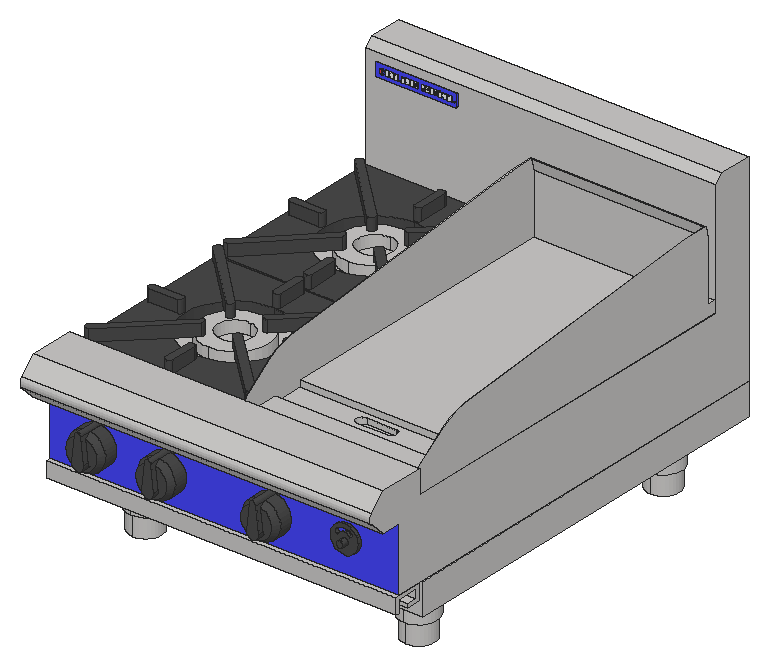
Revit family "QF_MOFFAT_BLUESEAL_CE_G514C-B", category Specialty Equipment, Revit 2012
Parameters
  Width = 600 mm  # constant formula
  Weight in Pounds = 176  # constant formula
  URL Cutsheet = "www.moffat.com"
  URL = "www.moffat.com"
  Type Mark [instance] = ""
  Status [instance] = ""
  Specification by User [instance] = ""
  Specification by Manufacturer = ""
  Show Logo [instance] = yes
  Serial Number = ""
  Seismic Rating = ""
  SMACNA No = ""
  Revision Code [instance] = ""
  Omniclass Number and Title = ""
  NAFEM Spec ID Number = ""
  Model = "G514C-B"
  Mechanical Remarks [instance] = ""
  Mechanical Connection Type [instance] = ""
  Masterspec = ""
  Manufacturer = "MOFFAT BLUESEAL"
  Item Number [instance] = ""
  Installed By [instance] = ""
  Identify Quantity as Lot [instance] = yes
  Height = 485 mm  # constant formula
  Gas Size = 3/4"
  Gas RI Height [instance] = 0 mm
  Gas KW [instance] = 21
  Gas Input [instance] = 72034.0 Btu/h
  Gas Connection Height = 0 mm
  Furnished By [instance] = ""
  Foodservice Equipment Identifier [instance] = yes
  Description = "600MM GAS GRIDDLE BENCH MOUNT"
  Depth = 812 mm  # constant formula
  CSI MasterFormat = ""
  CSI Master Format = ""
Reference planes
  plane 1 "BACK": y = 0
  plane 2: z = 0
  plane 3 "LEFT": x = 0
  plane 4 "RIGHT": x = 600
  plane 5 "FRONT": y = -812
  plane 6 "TOP": z = 370
  plane 7 "Center Y": x = 300
  plane 8 "Center X": y = -406
  plane 9: z = 485
  plane 10: z = 315
  plane 11: y = -100
  plane 12: y = -625
Forms (mm)
  Revolve 1, solid, material "QF_Finishes_Stainless Steel"
    sketch origin (534.5, -728, 0) x (0, 1, 0) y (0, 0, -1)
      loop
        line (71.25, -85) -> (103, -85) -> (103, 0) -> (75.5, 0) -> (75.5, -35) -> (71.25, -35) -> (71.25, -85)
      axis (103, -85) -> (103, 0)
    angle from 0 to 360
  Revolve 2, solid, material "QF_Finishes_Stainless Steel"
    sketch origin (534.5, -210, 0) x (0, 1, 0) y (0, 0, -1)
      loop
        line (78.25, -85) -> (110, -85) -> (110, 0) -> (82.5, 0) -> (82.5, -35) -> (78.25, -35) -> (78.25, -85)
      axis (110, -85) -> (110, 0)
    angle from 0 to 360
  Revolve 3, solid, material "QF_Finishes_Stainless Steel"
    sketch origin (65.5, -728, 0) x (0, 1, 0) y (0, 0, 1)
      loop
        line (71.25, 85) -> (71.25, 35) -> (75.5, 35) -> (75.5, 0) -> (103, 0) -> (103, 85) -> (71.25, 85)
      axis (103, 85) -> (103, 0)
    angle from 0 to 360
  Revolve 4, solid, material "QF_Finishes_Stainless Steel"
    sketch origin (65.5, -210, 0) x (0, 1, 0) y (0, 0, 1)
      loop
        line (78.25, 85) -> (78.25, 35) -> (82.5, 35) -> (82.5, 0) -> (110, 0) -> (110, 85) -> (78.25, 85)
      axis (110, 85) -> (110, 0)
    angle from 0 to 360
  Revolve 5, solid, material "QF_Finishes_Black"
    sketch origin (210, 7, 0) x (0, -1, 0) y (0, 0, 1)
      loop
        line (789, 229.605) -> (766, 229.605) -> (766, 202.105) -> (756, 202.105) -> (756, 197.105) -> (800, 197.105) -> (800, 223.757) -> (789, 229.605)
      axis (800, 197.105) -> (756, 197.105)
    angle from 0 to 360
  Extrusion 6, solid, material "QF_Finishes_Black"
    sketch origin (71.569, 7, -103.997) x (1, 0, 0) y (0, 0, 1)
      loop
        line (148.85, 289.691) -> (143.43, 332.61)
        arc (143.43, 332.61) -> (138.431, 337.497) -> (133.432, 332.61) r 5
        line (133.432, 332.61) -> (127.944, 288.524)
        arc (127.944, 288.524) -> (139.015, 278.025) -> (148.85, 289.691) r 10.487
    from 759 to 808
  Extrusion 7, solid, material "QF_Finishes_Stainless Steel"
    sketch origin (405, 3, -500) x (1, 0, 0) y (0, 1, 0)
      loop
        circle (65, -35) r 13.5
    from 555 to 585
  Extrusion 8, solid, material "QF_Finishes_Stainless Steel"
    sketch origin (0, 0, 0) x (0, 1, 0) y (0, 0, 1)
      loop
        line (-756, 112.019) -> (-749.6, 112.019) -> (-749.6, 132.806) -> (-712.4, 132.806) -> (-712.4, 118.419) -> (-731, 118.419) -> (-731, 112.019) -> (-706, 112.019) -> (-706, 139.206) -> (-756, 139.206) -> (-756, 112.019)
    from 0 to 600
  Revolve 9, solid, material "QF_Finishes_Black"
    sketch origin (89.999, 7, -0.127) x (0, 1, 0) y (0, 0, -1)
      loop
        line (-789, -229.5) -> (-766, -229.5) -> (-766, -202) -> (-756, -202) -> (-756, -197) -> (-800, -197) -> (-800, -223.651) -> (-789, -229.5)
      axis (-800, -197) -> (-756, -197)
    angle from 0 to 360
  Extrusion 10, solid, material "QF_Finishes_Black"
    sketch origin (228.269, 7, 0.031) x (-1, 0, 0) y (0, 0, -1)
      loop
        line (127.85, -185.663) -> (133.27, -228.582)
        arc (133.27, -228.582) -> (138.269, -233.469) -> (143.267, -228.582) r 5
        line (143.267, -228.582) -> (148.756, -184.496)
        arc (148.756, -184.496) -> (137.684, -173.998) -> (127.85, -185.663) r 10.487
    from 759 to 808
  Extrusion 11, solid, material "QF_Finishes_Stainless Steel"
    sketch origin (0, 0, 0) x (0, 1, 0) y (0, 0, 1)
      loop
        line (-784.97, 250) -> (-749, 250) -> (-749, 140) -> (0, 140) -> (0, 485) -> (-57.5, 485) -> (-70, 472.5) -> (-70, 275) -> (-705, 275) -> (-705, 315) -> (-783.97, 315) -> (-808.498, 290.472)
        arc (-808.498, 290.472) -> (-812.007, 282) -> (-808.498, 273.528) r 11.982
        line (-808.498, 273.528) -> (-784.97, 250)
      loop
        line (0, 85) -> (0, 139.206) -> (-699, 139.206) -> (-699, 85) -> (0, 85)
    from 0 to 600
  Revolve 12, solid, material "QF_Finishes_Black"
    sketch origin (390, 7, -0.127) x (0, 1, 0) y (0, 0, -1)
      loop
        line (-789, -229.5) -> (-766, -229.5) -> (-766, -202) -> (-756, -202) -> (-756, -197) -> (-800, -197) -> (-800, -223.651) -> (-789, -229.5)
      axis (-800, -197) -> (-756, -197)
    angle from 0 to 360
  Extrusion 13, solid, material "QF_Finishes_Black"
    sketch origin (528.269, 7, 0.031) x (-1, 0, 0) y (0, 0, -1)
      loop
        line (127.85, -185.663) -> (133.271, -228.582)
        arc (133.271, -228.582) -> (138.269, -233.469) -> (143.268, -228.582) r 5
        line (143.268, -228.582) -> (148.757, -184.496)
        arc (148.757, -184.496) -> (137.685, -173.998) -> (127.85, -185.663) r 10.487
    from 759 to 808
  Extrusion 14, solid, material "QF_Finishes_Black"
    sketch origin (0, -749, 266) x (0, 0, -1) y (1, 0, 0)
      loop
        circle (69.5, 510) r 23.9
      loop
        arc (62.141, 518.419) -> (63.001, 523.219) -> (58.201, 524.079) r 3.448
        arc (58.201, 524.079) -> (51.616, 509.341) -> (59.419, 495.209) r 18.095
        arc (59.419, 495.209) -> (64.141, 496.491) -> (62.826, 501.204) r 3.448
        arc (62.826, 501.204) -> (59.258, 509.683) -> (62.141, 518.419) r 13.109
    from 0 to 5
  Extrusion 15, solid, material "QF_Finishes_Black"
    sketch origin (0, -754, 266) x (0, 0, -1) y (1, 0, 0)
      loop
        circle (73, 510) r 5.75
    from 0 to 10
Cuts and joins
  joined: Revolve 5, Extrusion 6
Lines and regions (mm)
  Split face 1
    outline origin (0, 0, 485) x (0, -1, 0) y (1, 0, 0)
      loop
        arc (18.185, 336.013) -> (23.185, 327.353) -> (33.185, 327.353) r 10
        line (33.185, 327.353) -> (40.185, 331.394)
        arc (40.185, 331.394) -> (43.845, 335.055) -> (45.185, 340.055) r 10
        line (45.185, 340.055) -> (45.185, 568.013)
        arc (45.185, 568.013) -> (40.185, 576.674) -> (30.185, 576.674) r 10
        line (30.185, 576.674) -> (23.185, 572.632)
        arc (23.185, 572.632) -> (19.525, 568.972) -> (18.185, 563.972) r 10
        line (18.185, 563.972) -> (18.185, 336.013)
  Split face 2
    outline origin (-300, 0, 485) x (0, -1, 0) y (1, 0, 0)
      loop
        arc (18.185, 336.013) -> (23.185, 327.353) -> (33.185, 327.353) r 10
        line (33.185, 327.353) -> (40.185, 331.394)
        arc (40.185, 331.394) -> (43.845, 335.055) -> (45.185, 340.055) r 10
        line (45.185, 340.055) -> (45.185, 568.013)
        arc (45.185, 568.013) -> (40.185, 576.674) -> (30.185, 576.674) r 10
        line (30.185, 576.674) -> (23.185, 572.632)
        arc (23.185, 572.632) -> (19.525, 568.972) -> (18.185, 563.972) r 10
        line (18.185, 563.972) -> (18.185, 336.013)
  symbolic lines
    curve 1: line (0, 0, 0) -> (0, -812, 0)
    curve 2: line (600, 0, 0) -> (0, 0, 0)
    curve 3: line (600, -812, 0) -> (600, 0, 0)
    curve 4: line (0, -70, 0) -> (600, -70, 0)
    curve 5: line (0, -812, 0) -> (600, -812, 0)
    curve 6: line (600, -705, 0) -> (0, -705, 0)
    curve 7: line (36.013, -18.185, 0) -> (263.972, -18.185, 0)
    curve 8: arc (263.972, -18.185, 0) -> (268.972, -19.525, 0) -> (272.632, -23.185, 0) r 10
    curve 9: line (272.632, -23.185, 0) -> (276.674, -30.185, 0)
    curve 10: arc (276.674, -30.185, 0) -> (276.674, -40.185, 0) -> (268.013, -45.185, 0) r 10
    curve 11: line (268.013, -45.185, 0) -> (40.055, -45.185, 0)
    curve 12: arc (40.055, -45.185, 0) -> (35.055, -43.845, 0) -> (31.394, -40.185, 0) r 10
    curve 13: line (31.394, -40.185, 0) -> (27.353, -33.185, 0)
    curve 14: arc (27.353, -33.185, 0) -> (27.353, -23.185, 0) -> (36.013, -18.185, 0) r 10
    curve 15: line (299, -705, 0) -> (299, -391.5, 0)
    curve 16: line (299, -388.5, 0) -> (299, -70, 0)
    curve 17: line (336.013, -18.185, 0) -> (563.972, -18.185, 0)
    curve 18: arc (563.972, -18.185, 0) -> (568.972, -19.525, 0) -> (572.632, -23.185, 0) r 10
    curve 19: line (572.632, -23.185, 0) -> (576.674, -30.185, 0)
    curve 20: arc (576.674, -30.185, 0) -> (576.674, -40.185, 0) -> (568.013, -45.185, 0) r 10
    curve 21: line (568.013, -45.185, 0) -> (340.055, -45.185, 0)
    curve 22: arc (340.055, -45.185, 0) -> (335.055, -43.845, 0) -> (331.394, -40.185, 0) r 10
    curve 23: line (331.394, -40.185, 0) -> (327.353, -33.185, 0)
    curve 24: arc (327.353, -33.185, 0) -> (327.353, -23.185, 0) -> (336.013, -18.185, 0) r 10
    curve 25: line (0, -783.97, 0) -> (600, -783.97, 0)
Dimensions and locks
  equal spacing: plane 3 "LEFT", plane 7 "Center Y", plane 4 "RIGHT"
  "Width": plane 3 "LEFT" to plane 4 "RIGHT"
  equal spacing: plane 5 "FRONT", plane 8 "Center X", plane 1 "BACK"
  "Depth": plane 5 "FRONT" to plane 1 "BACK"
  equal spacing: plane 4 "RIGHT", plane 7 "Center Y", plane 3 "LEFT"
  plane 4 "RIGHT" to plane 3 "LEFT" = 600 mm
  Extrusion 7 to level = 55 mm
  Extrusion 7 to plane 1 "BACK" = 32 mm
  plane 5 "FRONT" to plane 1 "BACK" = 812 mm
  "Height": plane 9 to level
  plane 10 to level = 315 mm
  Extrusion 7 sketch curve to plane 1 "BACK" = 32 mm
  aligned and locked: level to plane 2
  aligned and locked: curve 3 to plane 4 "RIGHT"
Automatic sketch dimensions
  Revolve 1 sketch curve to level = 0 mm
  level to Revolve 1 sketch curve = 35 mm
  Revolve 1 sketch curve to plane 5 "FRONT" = 155.25 mm
  Revolve 1 sketch curve to Revolve 1 sketch curve = 4.25 mm
  Revolve 1 sketch curve to Revolve 1 sketch curve = 27.5 mm
  Revolve 1 sketch curve to Revolve 1 sketch curve = 0 mm
  Revolve 1 sketch curve to Revolve 1 sketch curve = 15 mm
  Revolve 1 sketch curve to Revolve 1 sketch curve = 35 mm
  Revolve 1 sketch curve to Revolve 1 sketch curve = 55 mm
  Revolve 2 sketch curve to level = 0 mm
  level to Revolve 2 sketch curve = 35 mm
  plane 1 "BACK" to Revolve 2 sketch curve = 131.75 mm
  Revolve 2 sketch curve to Revolve 2 sketch curve = 4.25 mm
  Revolve 2 sketch curve to Revolve 2 sketch curve = 27.5 mm  (x2)
  Revolve 2 sketch curve to Revolve 2 sketch curve = 15 mm
  Revolve 2 sketch curve to Revolve 2 sketch curve = 35 mm
  Revolve 2 sketch curve to Revolve 2 sketch curve = 55 mm
  Revolve 3 sketch curve to level = 0 mm
  level to Revolve 3 sketch curve = 35 mm
  Revolve 3 sketch curve to plane 5 "FRONT" = 155.25 mm
  Revolve 3 sketch curve to Revolve 3 sketch curve = 4.25 mm
  Revolve 3 sketch curve to Revolve 3 sketch curve = 27.5 mm  (x2)
  Revolve 3 sketch curve to Revolve 3 sketch curve = 55 mm
  Revolve 3 sketch curve to Revolve 3 sketch curve = 15 mm
  Revolve 3 sketch curve to Revolve 3 sketch curve = 35 mm
  Revolve 4 sketch curve to level = 0 mm
  level to Revolve 4 sketch curve = 35 mm
  plane 1 "BACK" to Revolve 4 sketch curve = 131.75 mm
  Revolve 4 sketch curve to Revolve 4 sketch curve = 4.25 mm
  Revolve 4 sketch curve to Revolve 4 sketch curve = 27.5 mm  (x2)
  Revolve 4 sketch curve to Revolve 4 sketch curve = 55 mm
  Revolve 4 sketch curve to Revolve 4 sketch curve = 15 mm
  Revolve 4 sketch curve to Revolve 4 sketch curve = 35 mm
  Revolve 5 sketch curve to plane 5 "FRONT" = 63 mm
  Revolve 5 sketch curve to Revolve 5 sketch curve = 10 mm
  Revolve 5 sketch curve to Revolve 5 sketch curve = 21.3 mm
  Revolve 5 sketch curve to Revolve 5 sketch curve = 23 mm
  Revolve 5 sketch curve to Revolve 5 sketch curve = 12.7 mm
  Revolve 5 sketch curve to Revolve 5 sketch curve = 0 mm  (x2)
  Revolve 5 sketch curve to plane 10 = 117.895 mm
  Revolve 5 sketch curve to Revolve 5 sketch curve = 5 mm
  Revolve 5 sketch curve to Revolve 5 sketch curve = 26.651 mm
  Revolve 5 sketch curve to Revolve 5 sketch curve = 5.849 mm
  Extrusion 8 sketch curve to plane 5 "FRONT" = 56 mm
  Extrusion 8 sketch curve to Extrusion 8 sketch curve = 6.4 mm  (x4)
  Extrusion 8 sketch curve to Extrusion 8 sketch curve = 18.6 mm  (x2)
  level to Extrusion 8 sketch curve = 112.019 mm
  Extrusion 8 sketch curve to Extrusion 8 sketch curve = 0 mm
  Extrusion 8 sketch curve to Extrusion 8 sketch curve = 20.787 mm
  Revolve 9 sketch curve to plane 5 "FRONT" = 19 mm
  Revolve 9 sketch curve to Revolve 9 sketch curve = 0 mm  (x2)
  Revolve 9 sketch curve to Revolve 9 sketch curve = 11 mm
  Revolve 9 sketch curve to Revolve 9 sketch curve = 12.7 mm
  Revolve 9 sketch curve to Revolve 9 sketch curve = 23 mm
  Revolve 9 sketch curve to Revolve 9 sketch curve = 10 mm
  Revolve 9 sketch curve to plane 10 = 85.627 mm
  Revolve 9 sketch curve to Revolve 9 sketch curve = 5.849 mm
  Revolve 9 sketch curve to Revolve 9 sketch curve = 27.5 mm
  Revolve 9 sketch curve to Revolve 9 sketch curve = 5 mm
  Extrusion 11 sketch curve to plane 10 = 0 mm
  plane 9 to Extrusion 11 sketch curve = 0 mm
  Extrusion 11 sketch curve to plane 1 "BACK" = 0 mm  (x2)
  plane 1 "BACK" to Extrusion 11 sketch curve = 57.5 mm
  plane 9 to Extrusion 11 sketch curve = 12.5 mm
  Extrusion 11 sketch curve to Extrusion 11 sketch curve = 12.5 mm
  Extrusion 11 sketch curve to plane 5 "FRONT" = 113 mm
  Extrusion 11 sketch curve to plane 5 "FRONT" = 107 mm
  Extrusion 11 sketch curve to Extrusion 11 sketch curve = 50 mm
  Extrusion 11 sketch curve to plane 5 "FRONT" = 28.03 mm
  Extrusion 11 sketch curve to plane 5 "FRONT" = 27.03 mm
  Extrusion 11 sketch curve to plane 5 "FRONT" = 11.975 mm
  Extrusion 11 sketch curve to plane 5 "FRONT" = 3.502 mm  (x2)
  Extrusion 11 sketch curve to plane 10 = 24.528 mm
  Extrusion 11 sketch curve to Extrusion 11 sketch curve = 8.472 mm
  Extrusion 11 sketch curve to Extrusion 11 sketch curve = 40 mm
  Extrusion 11 sketch curve to Extrusion 11 sketch curve = 23.528 mm
  Extrusion 11 sketch curve to Extrusion 11 sketch curve = 110 mm
  Extrusion 11 sketch curve to Extrusion 11 sketch curve = 0.794 mm
  Extrusion 11 sketch curve to Extrusion 11 sketch curve = 54.206 mm
  Split face 1 sketch curve to Extrusion 11 = 18.185 mm
  Split face 1 sketch curve to Split face 1 sketch curve = 5 mm  (x2)
  Split face 1 sketch curve to Split face 1 sketch curve = 10 mm  (x3)
  Split face 1 sketch curve to Split face 1 sketch curve = 7 mm  (x4)
  Split face 1 sketch curve to Extrusion 11 = 272.647 mm
  Split face 1 sketch curve to Split face 1 sketch curve = 4.041 mm  (x2)
  Split face 1 sketch curve to Extrusion 11 = 36.028 mm
  Split face 2 sketch curve to Extrusion 11 = 18.185 mm
  Split face 2 sketch curve to Split face 2 sketch curve = 5 mm  (x2)
  Split face 2 sketch curve to Split face 2 sketch curve = 10 mm  (x3)
  Split face 2 sketch curve to Split face 2 sketch curve = 7 mm  (x4)
  Split face 2 sketch curve to Extrusion 11 = 27.353 mm
  Split face 2 sketch curve to Split face 2 sketch curve = 4.041 mm  (x2)
  Split face 2 sketch curve to Split face 2 sketch curve = 223.917 mm
  Revolve 12 sketch curve to plane 5 "FRONT" = 19 mm
  Revolve 12 sketch curve to Revolve 12 sketch curve = 0 mm  (x2)
  Revolve 12 sketch curve to Revolve 12 sketch curve = 11 mm
  Revolve 12 sketch curve to Revolve 12 sketch curve = 12.7 mm
  Revolve 12 sketch curve to Revolve 12 sketch curve = 23 mm
  Revolve 12 sketch curve to Revolve 12 sketch curve = 10 mm
  Revolve 12 sketch curve to plane 10 = 85.627 mm
  Revolve 12 sketch curve to Revolve 12 sketch curve = 5.849 mm
  Revolve 12 sketch curve to Revolve 12 sketch curve = 27.5 mm
  Revolve 12 sketch curve to Revolve 12 sketch curve = 5 mm
  plane 1 "BACK" to curve 1 = 0 mm
  curve 1 to plane 3 "LEFT" = 0 mm
  plane 5 "FRONT" to curve 3 = 0 mm
  plane 3 "LEFT" to curve 14 = 27.353 mm
  curve 14 to curve 12 = 4.041 mm
  curve 14 to curve 7 = 8.66 mm
  curve 13 to curve 12 = 8.66 mm
  curve 8 to plane 7 "Center Y" = 36.028 mm
  curve 8 to curve 10 = 4.041 mm
  curve 7 to curve 8 = 8.66 mm
  curve 9 to curve 9 = 4.041 mm
  plane 7 "Center Y" to curve 24 = 27.353 mm
  curve 23 to curve 22 = 4.041 mm
  curve 24 to curve 24 = 8.66 mm
  curve 23 to curve 21 = 8.66 mm
  curve 18 to curve 20 = 4.041 mm
  curve 17 to curve 19 = 8.66 mm
  curve 18 to curve 19 = 4.041 mm
  curve 6 to plane 5 "FRONT" = 107 mm
  plane 1 "BACK" to curve 11 = 45.185 mm
  curve 4 to curve 21 = 24.815 mm
  curve 21 to curve 22 = 5 mm
  curve 12 to curve 13 = 5 mm
  curve 21 to curve 20 = 10 mm
  curve 10 to curve 10 = 10 mm
  curve 22 to curve 24 = 7 mm  (x2)
  curve 12 to curve 13 = 7 mm
  curve 12 to curve 14 = 7 mm
  curve 10 to curve 8 = 7 mm
  curve 20 to curve 18 = 7 mm
  curve 16 to plane 7 "Center Y" = 1 mm
  curve 15 to plane 7 "Center Y" = 1 mm
  curve 15 to curve 16 = 3 mm
  plane 1 "BACK" to curve 4 = 70 mm
  plane 8 "Center X" to curve 15 = 14.5 mm
  curve 25 to plane 5 "FRONT" = 28.03 mm
  plane 4 "RIGHT" to curve 18 = 36.028 mm
  plane 4 "RIGHT" to Extrusion 7 sketch curve = 130 mm
  plane 3 "LEFT" to Extrusion 10 sketch curve = 100.419 mm
  Extrusion 10 sketch curve to Extrusion 10 sketch curve = 5.421 mm
  Extrusion 10 sketch curve to Extrusion 10 sketch curve = 10.419 mm
  Extrusion 10 sketch curve to Extrusion 10 sketch curve = 4.999 mm  (x2)
  Extrusion 10 sketch curve to Extrusion 10 sketch curve = 10.487 mm
  Extrusion 10 sketch curve to plane 10 = 86.387 mm
  Extrusion 10 sketch curve to Extrusion 10 sketch curve = 0.113 mm
  Extrusion 10 sketch curve to Extrusion 10 sketch curve = 42.919 mm
  Extrusion 10 sketch curve to Extrusion 10 sketch curve = 1.167 mm
  Extrusion 6 sketch curve to plane 7 "Center Y" = 100.487 mm
  Extrusion 6 sketch curve to Extrusion 6 sketch curve = 5.489 mm
  Extrusion 6 sketch curve to Extrusion 6 sketch curve = 4.999 mm  (x2)
  Extrusion 6 sketch curve to Extrusion 6 sketch curve = 10.487 mm
  Extrusion 6 sketch curve to Extrusion 6 sketch curve = 10.419 mm
  Extrusion 6 sketch curve to plane 10 = 130.5 mm
  Extrusion 6 sketch curve to Extrusion 6 sketch curve = 0.028 mm
  Extrusion 6 sketch curve to Extrusion 6 sketch curve = 44 mm
  Extrusion 6 sketch curve to Extrusion 6 sketch curve = 0.113 mm
  plane 7 "Center Y" to Extrusion 13 sketch curve = 100.419 mm
  Extrusion 13 sketch curve to Extrusion 13 sketch curve = 5.421 mm
  Extrusion 13 sketch curve to Extrusion 13 sketch curve = 10.419 mm
  Extrusion 13 sketch curve to Extrusion 13 sketch curve = 4.999 mm  (x2)
  Extrusion 13 sketch curve to Extrusion 13 sketch curve = 10.487 mm
  Extrusion 13 sketch curve to plane 10 = 86.387 mm
  Extrusion 13 sketch curve to Extrusion 13 sketch curve = 0.113 mm
  Extrusion 13 sketch curve to Extrusion 13 sketch curve = 42.919 mm
  Extrusion 13 sketch curve to Extrusion 13 sketch curve = 1.167 mm
  Extrusion 11 to Extrusion 14 sketch curve = 42.201 mm
  Extrusion 14 sketch curve to Extrusion 14 sketch curve = 1.218 mm
  Extrusion 14 sketch curve to Extrusion 14 sketch curve = 1.97 mm  (x2)
  Extrusion 14 sketch curve to Extrusion 14 sketch curve = 1.724 mm
  Extrusion 14 sketch curve to Extrusion 14 sketch curve = 1.683 mm
  Extrusion 14 sketch curve to Extrusion 14 sketch curve = 6.674 mm
  Extrusion 14 sketch curve to Extrusion 14 sketch curve = 0.195 mm
  Extrusion 14 sketch curve to Extrusion 14 sketch curve = 2.662 mm
  Extrusion 11 to Extrusion 14 sketch curve = 104.791 mm
  Extrusion 14 sketch curve to Extrusion 14 sketch curve = 2.986 mm
  Extrusion 14 sketch curve to Extrusion 14 sketch curve = 8.796 mm
  Extrusion 14 sketch curve to Extrusion 14 sketch curve = 0.103 mm
  Extrusion 14 sketch curve to Extrusion 14 sketch curve = 0.102 mm
  radius of Extrusion 7 sketch curve = 13.5 mm
  radius of Extrusion 14 sketch curve = 23.9 mm
Nested families
  nested 1: "WALDORF LOGO_FACE BASE" at (18.6, -70, 458.604) x (1, 0, 0) z (0, -1, 0), visible <- "Show Logo", type "WALDORF LOGO_FACE BASE", detail levels medium+fine
    with Show Logo yes
  nested 2: "GAS BURNER & GRIDDLE 300" at (-1, -70.003, 274.5), type "GAS BURNER & GRIDDLE 300"
    with Width 600 mm, Type Mark "", Status "", Specification by User "", Revision Code "", Item Number "", Installed By "", Identify Quantity as Lot yes, Furnished By "", Foodservice Equipment Identifier yes, Depth 635 mm
Connectors
  piping at (470, -32, 55)
    settings: on Extrusion 7, index 1, connector radius 0.37402", flow factor 0, pipe flow 0 GPM, pressure drop 0.00 psi, fitting loss kfactor 0, connector angle 0.00°, fixture units 0, engagement length 0 mm, flow configuration 1, flow direction 1, fitting loss method 0, system type 7, joint type 0, gender type 0, connector reference index -1, connector utility 0, adjustable connector no, is connector primary yes, fitting loss table "", connector description "GAS CONNECTION"
Definition of nested family "WALDORF LOGO_FACE BASE"
  Parameters (values of type "WALDORF LOGO_FACE BASE")
    Show Logo [instance] = yes
    Default Elevation = 1219.2 mm
  Reference planes
    plane 1 "Center (Front/Back)": y = 0
    plane 2: z = 0
    plane 3 "Center (Left/Right)": x = 0
  Forms (mm)
    Extrusion 1, solid
      sketch origin (0, 0, 0) x (1, 0, 0) y (0, 1, 0)
        loop
          line (-1219.2, 1219.2) -> (-1219.2, -1219.2) -> (1219.2, -1219.2) -> (1219.2, 1219.2) -> (-1219.2, 1219.2)
      from 0 to -304.8
    Extrusion 2, solid, material "QF_Finishes_Blue", visible <- "Show Logo"
      sketch origin (0, -33.217, 0) x (1, 0, 0) y (0, 1, 0)
        loop
          arc (138, 31.942) -> (137.626, 32.844) -> (136.724, 33.217) r 1.276
          line (136.724, 33.217) -> (1.29, 33.217)
          arc (1.29, 33.217) -> (0.378, 32.839) -> (0, 31.927) r 1.29
          line (0, 31.927) -> (0, 11.507)
          arc (0, 11.507) -> (0.378, 10.595) -> (1.29, 10.217) r 1.29
          line (1.29, 10.217) -> (136.71, 10.217)
          arc (136.71, 10.217) -> (137.622, 10.595) -> (138, 11.507) r 1.29
          line (138, 11.507) -> (138, 31.942)
      from 0 to 1.588
    Extrusion 3, solid, material "QF_Finishes_White", visible <- "Show Logo"
      sketch origin (0, -33.217, 1.588) x (1, 0, 0) y (0, 1, 0)
        loop
          arc (108.946, 25.919) -> (107.613, 25.367) -> (107.061, 24.034) r 1.885
          line (107.061, 24.034) -> (107.061, 17.211) -> (112.704, 17.211) -> (112.704, 19.129) -> (115.546, 19.129) -> (115.546, 17.211) -> (121.584, 17.211) -> (121.584, 24.075)
          arc (121.584, 24.075) -> (121.043, 25.379) -> (119.739, 25.919) r 1.845
          line (119.739, 25.919) -> (108.946, 25.919)
        loop
          line (123.478, 25.919) -> (123.478, 17.163) -> (134.904, 17.163) -> (134.904, 19.129) -> (129.246, 19.129) -> (129.246, 25.919) -> (123.478, 25.919)
        loop
          line (112.704, 21.258) -> (115.546, 21.258) -> (115.546, 22.702)
          arc (115.546, 22.702) -> (115.344, 23.188) -> (114.858, 23.389) r 0.687
          line (114.858, 23.389) -> (113.363, 23.389)
          arc (113.363, 23.389) -> (112.897, 23.196) -> (112.704, 22.73) r 0.658
          line (112.704, 22.73) -> (112.704, 21.258)
        loop
          line (105.071, 25.919) -> (93.771, 25.919) -> (93.771, 17.163) -> (105.071, 17.163) -> (105.071, 19.063) -> (99.535, 19.063) -> (99.535, 20.437) -> (105.071, 20.437) -> (105.071, 22.278) -> (99.535, 22.278) -> (99.535, 23.587) -> (105.071, 23.587) -> (105.071, 25.919)
        loop
          line (91.104, 25.919) -> (79.541, 25.919)
          arc (79.541, 25.919) -> (78.558, 25.513) -> (78.152, 24.53) r 1.389
          line (78.152, 24.53) -> (78.152, 22.08)
          arc (78.152, 22.08) -> (78.558, 21.098) -> (79.541, 20.691) r 1.389
          line (79.541, 20.691) -> (86.346, 20.691) -> (86.346, 18.864) -> (83.266, 18.864) -> (83.266, 19.664) -> (78.152, 19.664) -> (78.152, 18.553)
          arc (78.152, 18.553) -> (78.558, 17.57) -> (79.541, 17.163) r 1.389
          line (79.541, 17.163) -> (91.063, 17.163)
          arc (91.063, 17.163) -> (92.045, 17.57) -> (92.452, 18.553) r 1.389
          line (92.452, 18.553) -> (92.452, 20.691)
          arc (92.452, 20.691) -> (92.045, 21.673) -> (91.063, 22.08) r 1.389
          line (91.063, 22.08) -> (83.266, 22.08) -> (83.266, 23.984) -> (86.346, 23.984) -> (86.346, 22.743) -> (92.452, 22.743) -> (92.452, 24.571)
          arc (92.452, 24.571) -> (92.057, 25.524) -> (91.104, 25.919) r 1.348
        loop
          line (70.705, 25.919) -> (59.405, 25.919) -> (59.405, 17.163) -> (70.705, 17.163) -> (70.705, 19.063) -> (65.169, 19.063) -> (65.169, 20.437) -> (70.705, 20.437) -> (70.705, 22.278) -> (65.169, 22.278) -> (65.169, 23.587) -> (70.705, 23.587) -> (70.705, 25.919)
        loop
          line (57.598, 25.919) -> (51.7, 25.919) -> (51.7, 20.18)
          arc (51.7, 20.18) -> (50.63, 19.11) -> (49.56, 20.18) r 1.07
          line (49.56, 20.18) -> (49.56, 25.919) -> (43.663, 25.919) -> (43.663, 19.049)
          arc (43.663, 19.049) -> (44.215, 17.716) -> (45.548, 17.163) r 1.885
          line (45.548, 17.163) -> (55.71, 17.163)
          arc (55.71, 17.163) -> (57.045, 17.716) -> (57.598, 19.051) r 1.887
          line (57.598, 19.051) -> (57.598, 25.919)
        loop
          line (31.62, 25.919) -> (31.62, 17.163) -> (43.046, 17.163) -> (43.046, 19.129) -> (37.388, 19.129) -> (37.388, 25.919) -> (31.62, 25.919)
        loop
          line (15.969, 25.919) -> (15.969, 17.163) -> (28.693, 17.163)
          arc (28.693, 17.163) -> (29.812, 17.627) -> (30.276, 18.746) r 1.582
          line (30.276, 18.746) -> (30.276, 20.447) -> (29.48, 21.243) -> (30.276, 22.039) -> (30.276, 24.332)
          arc (30.276, 24.332) -> (29.811, 25.454) -> (28.688, 25.919) r 1.587
          line (28.688, 25.919) -> (15.969, 25.919)
        loop
          line (21.449, 24.159) -> (21.449, 22.436) -> (23.862, 22.436)
          arc (23.862, 22.436) -> (24.723, 23.298) -> (23.862, 24.159) r 0.861
          line (23.862, 24.159) -> (21.449, 24.159)
        loop
          line (21.449, 20.244) -> (21.449, 18.522) -> (23.862, 18.522)
          arc (23.862, 18.522) -> (24.723, 19.383) -> (23.862, 20.244) r 0.861
          line (23.862, 20.244) -> (21.449, 20.244)
      from 0 to 0.2
    Extrusion 4, solid, material "QF_Finishes_Blue", visible <- "Show Logo"
      sketch origin (-126.498, -31.09, 1.588) x (1, 0, 0) y (0, 1, 0)
        loop
          line (136.738, 23.522) -> (136.738, 15.1)
          arc (136.738, 15.1) -> (140.756, 19.311) -> (136.738, 23.522) r 4.216
      from 0 to 0.2
    Extrusion 5, solid, material "QF_Finishes_Red", visible <- "Show Logo"
      sketch origin (146.849, -31.09, 1.588) x (-1, 0, 0) y (0, -1, 0)
        loop
          arc (136.738, -23.522) -> (140.756, -19.311) -> (136.738, -15.1) r 4.216
          line (136.738, -15.1) -> (136.738, -23.522)
      from 0 to 0.2
  Lines and regions (mm)
    Split face 1
      outline origin (-90.35, -30.793, 1.588) x (1, 0, 0) y (0, 1, 0)
        loop
          circle (100.54, 19.013) r 4.536
  Dimensions and locks
    aligned and locked: plane 2 to Extrusion 1
    aligned and locked: level to Extrusion 1
Definition of nested family "GAS BURNER & GRIDDLE 300"
  Parameters (values of type "GAS BURNER & GRIDDLE 300")
    Width [instance] = 600 mm
    Weight in Pounds = 0
    URL Cutsheet = ""
    Type Mark [instance] = ""
    Status [instance] = ""
    Specification by User [instance] = ""
    Specification by Manufacturer = ""
    Serial Number = ""
    Seismic Rating = ""
    SMACNA No = ""
    Revision Code [instance] = ""
    Omniclass Number and Title = ""
    NAFEM Spec ID Number = ""
    Masterspec = ""
    Item Number [instance] = ""
    Installed By [instance] = ""
    Identify Quantity as Lot [instance] = yes
    Furnished By [instance] = ""
    Foodservice Equipment Identifier [instance] = yes
    Depth [instance] = 635 mm
    CSI MasterFormat = ""
    CSI Master Format = ""
  Reference planes
    plane 1 "BACK": y = 0
    plane 2: z = 0
    plane 3 "LEFT": x = 0
    plane 4 "RIGHT": x = 600
    plane 5 "FRONT": y = -635
    plane 6 "TOP": z = 142.5
    plane 7 "Center Y": x = 300
    plane 8 "Center X": y = -317.5
  Forms (mm)
    Extrusion 1, solid, material "QF_Finishes_Black"
      sketch origin (0, 0, 0) x (0, -1, 0) y (1, 0, 0)
        loop
          line (318.5, 4) -> (318.5, 296)
          arc (318.5, 296) -> (317.621, 298.121) -> (315.5, 299) r 3
          line (315.5, 299) -> (3, 299)
          arc (3, 299) -> (0.879, 298.121) -> (0, 296) r 3
          line (0, 296) -> (0, 4)
          arc (0, 4) -> (0.879, 1.879) -> (3, 1) r 3
          line (3, 1) -> (315.5, 1)
          arc (315.5, 1) -> (317.621, 1.879) -> (318.5, 4) r 3
        loop
          line (324.5, 1) -> (632, 1)
          arc (632, 1) -> (634.121, 1.879) -> (635, 4) r 3
          line (635, 4) -> (635, 296)
          arc (635, 296) -> (634.121, 298.121) -> (632, 299) r 3
          line (632, 299) -> (324.5, 299)
          arc (324.5, 299) -> (322.379, 298.121) -> (321.5, 296) r 3
          line (321.5, 296) -> (321.5, 4)
          arc (321.5, 4) -> (322.379, 1.879) -> (324.5, 1) r 3
        loop
          circle (168.5, 149.991) r 84.082
        loop
          circle (468.5, 149.991) r 84.082
      from 0 to 19.5
    Extrusion 2, solid, material "QF_Finishes_Black"
      sketch origin (0, 0, 19.5) x (0, -1, 0) y (1, 0, 0)
        loop
          spline (326.102, 15.153) -> (325.181, 13.924) -> (324.631, 12.47) -> (324.49, 10.89) -> (324.767, 9.292) -> (325.443, 7.786) -> (326.473, 6.473) -> (327.786, 5.443) -> (329.292, 4.767) -> (330.89, 4.49) -> (332.47, 4.631) -> (333.924, 5.181) -> (335.153, 6.102)
          line (335.153, 6.102) -> (443.076, 114.025)
          spline (443.076, 114.025) -> (443.837, 115.095) -> (444.238, 116.399) -> (444.251, 117.851) -> (443.875, 119.35) -> (443.137, 120.795) -> (442.086, 122.086) -> (440.795, 123.137) -> (439.35, 123.875) -> (437.851, 124.251) -> (436.399, 124.238) -> (435.095, 123.837) -> (434.025, 123.076)
          line (434.025, 123.076) -> (326.102, 15.153)
        loop
          spline (328.898, 156.4) -> (327.604, 156.182) -> (326.398, 155.543) -> (325.362, 154.525) -> (324.568, 153.2) -> (324.068, 151.656) -> (323.898, 150) -> (324.068, 148.344) -> (324.568, 146.8) -> (325.362, 145.475) -> (326.398, 144.457) -> (327.604, 143.818) -> (328.898, 143.6)
          line (328.898, 143.6) -> (378.102, 143.6)
          spline (378.102, 143.6) -> (379.396, 143.818) -> (380.602, 144.457) -> (381.638, 145.475) -> (382.432, 146.8) -> (382.932, 148.344) -> (383.102, 150) -> (382.932, 151.656) -> (382.432, 153.2) -> (381.638, 154.525) -> (380.602, 155.543) -> (379.396, 156.182) -> (378.102, 156.4)
          line (378.102, 156.4) -> (328.898, 156.4)
        loop
          spline (335.153, 293.898) -> (334.084, 294.659) -> (332.779, 295.059) -> (331.328, 295.072) -> (329.829, 294.697) -> (328.384, 293.959) -> (327.092, 292.908) -> (326.041, 291.616) -> (325.303, 290.171) -> (324.928, 288.672) -> (324.941, 287.221) -> (325.341, 285.916) -> (326.102, 284.847)
          line (326.102, 284.847) -> (434.025, 176.924)
          spline (434.025, 176.924) -> (435.095, 176.163) -> (436.399, 175.762) -> (437.851, 175.749) -> (439.35, 176.125) -> (440.795, 176.863) -> (442.086, 177.914) -> (443.137, 179.205) -> (443.875, 180.65) -> (444.251, 182.149) -> (444.238, 183.601) -> (443.837, 184.905) -> (443.076, 185.975)
          line (443.076, 185.975) -> (335.153, 293.898)
        loop
          line (463.6, 291.102) -> (463.6, 241.898)
          spline (463.6, 241.898) -> (463.818, 240.604) -> (464.457, 239.398) -> (465.475, 238.362) -> (466.8, 237.568) -> (468.344, 237.068) -> (470, 236.898) -> (471.656, 237.068) -> (473.2, 237.568) -> (474.525, 238.362) -> (475.543, 239.398) -> (476.182, 240.604) -> (476.4, 241.898)
          line (476.4, 241.898) -> (476.4, 291.102)
          spline (476.4, 291.102) -> (476.182, 292.396) -> (475.543, 293.602) -> (474.525, 294.638) -> (473.2, 295.432) -> (471.656, 295.932) -> (470, 296.102) -> (468.344, 295.932) -> (466.8, 295.432) -> (465.475, 294.638) -> (464.457, 293.602) -> (463.818, 292.396) -> (463.6, 291.102)
        loop
          spline (612.398, 284.847) -> (613.159, 285.916) -> (613.559, 287.221) -> (613.572, 288.672) -> (613.197, 290.171) -> (612.459, 291.616) -> (611.408, 292.908) -> (610.116, 293.959) -> (608.671, 294.697) -> (607.172, 295.072) -> (605.721, 295.059) -> (604.416, 294.659) -> (603.347, 293.898)
          line (603.347, 293.898) -> (496.924, 185.975)
          spline (496.924, 185.975) -> (496.163, 184.905) -> (495.762, 183.601) -> (495.749, 182.149) -> (496.125, 180.65) -> (496.863, 179.205) -> (497.914, 177.914) -> (499.205, 176.863) -> (500.65, 176.125) -> (502.149, 175.749) -> (503.601, 175.762) -> (504.905, 176.163) -> (505.975, 176.924)
          line (505.975, 176.924) -> (612.398, 284.847)
        loop
          spline (609.602, 143.6) -> (610.896, 143.818) -> (612.102, 144.457) -> (613.138, 145.475) -> (613.932, 146.8) -> (614.432, 148.344) -> (614.602, 150) -> (614.432, 151.656) -> (613.932, 153.2) -> (613.138, 154.525) -> (612.102, 155.543) -> (610.896, 156.182) -> (609.602, 156.4)
          line (609.602, 156.4) -> (561.898, 156.4)
          spline (561.898, 156.4) -> (560.604, 156.182) -> (559.398, 155.543) -> (558.362, 154.525) -> (557.568, 153.2) -> (557.068, 151.656) -> (556.898, 150) -> (557.068, 148.344) -> (557.568, 146.8) -> (558.362, 145.475) -> (559.398, 144.457) -> (560.604, 143.818) -> (561.898, 143.6)
          line (561.898, 143.6) -> (609.602, 143.6)
        loop
          line (612.398, 15.153) -> (505.975, 123.076)
          spline (505.975, 123.076) -> (504.905, 123.837) -> (503.601, 124.238) -> (502.149, 124.251) -> (500.65, 123.875) -> (499.205, 123.137) -> (497.914, 122.086) -> (496.863, 120.795) -> (496.125, 119.35) -> (495.749, 117.851) -> (495.762, 116.399) -> (496.163, 115.095) -> (496.924, 114.025)
          line (496.924, 114.025) -> (603.347, 6.102)
          spline (603.347, 6.102) -> (604.416, 5.341) -> (605.721, 4.941) -> (607.172, 4.928) -> (608.671, 5.303) -> (610.116, 6.041) -> (611.408, 7.092) -> (612.459, 8.384) -> (613.197, 9.829) -> (613.572, 11.328) -> (613.559, 12.779) -> (613.159, 14.084) -> (612.398, 15.153)
        loop
          line (476.4, 8.898) -> (476.4, 58.102)
          spline (476.4, 58.102) -> (476.182, 59.396) -> (475.543, 60.602) -> (474.525, 61.638) -> (473.2, 62.432) -> (471.656, 62.932) -> (470, 63.102) -> (468.344, 62.932) -> (466.8, 62.432) -> (465.475, 61.638) -> (464.457, 60.602) -> (463.818, 59.396) -> (463.6, 58.102)
          line (463.6, 58.102) -> (463.6, 8.898)
          spline (463.6, 8.898) -> (463.818, 7.604) -> (464.457, 6.398) -> (465.475, 5.362) -> (466.8, 4.568) -> (468.344, 4.068) -> (470, 3.898) -> (471.656, 4.068) -> (473.2, 4.568) -> (474.525, 5.362) -> (475.543, 6.398) -> (476.182, 7.604) -> (476.4, 8.898)
        loop
          spline (22.602, 15.153) -> (21.681, 13.924) -> (21.131, 12.47) -> (20.99, 10.89) -> (21.267, 9.292) -> (21.943, 7.786) -> (22.973, 6.473) -> (24.286, 5.443) -> (25.792, 4.767) -> (27.39, 4.49) -> (28.97, 4.631) -> (30.424, 5.181) -> (31.653, 6.102)
          line (31.653, 6.102) -> (139.576, 114.025)
          spline (139.576, 114.025) -> (140.337, 115.095) -> (140.738, 116.399) -> (140.751, 117.851) -> (140.375, 119.35) -> (139.637, 120.795) -> (138.586, 122.086) -> (137.295, 123.137) -> (135.85, 123.875) -> (134.351, 124.251) -> (132.899, 124.238) -> (131.595, 123.837) -> (130.525, 123.076)
          line (130.525, 123.076) -> (22.602, 15.153)
        loop
          spline (25.398, 156.4) -> (24.104, 156.182) -> (22.898, 155.543) -> (21.862, 154.525) -> (21.068, 153.2) -> (20.568, 151.656) -> (20.398, 150) -> (20.568, 148.344) -> (21.068, 146.8) -> (21.862, 145.475) -> (22.898, 144.457) -> (24.104, 143.818) -> (25.398, 143.6)
          line (25.398, 143.6) -> (74.602, 143.6)
          spline (74.602, 143.6) -> (75.896, 143.818) -> (77.102, 144.457) -> (78.138, 145.475) -> (78.932, 146.8) -> (79.432, 148.344) -> (79.602, 150) -> (79.432, 151.656) -> (78.932, 153.2) -> (78.138, 154.525) -> (77.102, 155.543) -> (75.896, 156.182) -> (74.602, 156.4)
          line (74.602, 156.4) -> (25.398, 156.4)
        loop
          spline (31.653, 293.898) -> (30.584, 294.659) -> (29.279, 295.059) -> (27.828, 295.072) -> (26.329, 294.697) -> (24.884, 293.959) -> (23.592, 292.908) -> (22.541, 291.616) -> (21.803, 290.171) -> (21.428, 288.672) -> (21.441, 287.221) -> (21.841, 285.916) -> (22.602, 284.847)
          line (22.602, 284.847) -> (130.525, 176.924)
          spline (130.525, 176.924) -> (131.595, 176.163) -> (132.899, 175.762) -> (134.351, 175.749) -> (135.85, 176.125) -> (137.295, 176.863) -> (138.586, 177.914) -> (139.637, 179.205) -> (140.375, 180.65) -> (140.751, 182.149) -> (140.738, 183.601) -> (140.337, 184.905) -> (139.576, 185.975)
          line (139.576, 185.975) -> (31.653, 293.898)
        loop
          line (160.1, 291.102) -> (160.1, 241.898)
          spline (160.1, 241.898) -> (160.318, 240.604) -> (160.957, 239.398) -> (161.975, 238.362) -> (163.3, 237.568) -> (164.844, 237.068) -> (166.5, 236.898) -> (168.156, 237.068) -> (169.7, 237.568) -> (171.025, 238.362) -> (172.043, 239.398) -> (172.682, 240.604) -> (172.9, 241.898)
          line (172.9, 241.898) -> (172.9, 291.102)
          spline (172.9, 291.102) -> (172.682, 292.396) -> (172.043, 293.602) -> (171.025, 294.638) -> (169.7, 295.432) -> (168.156, 295.932) -> (166.5, 296.102) -> (164.844, 295.932) -> (163.3, 295.432) -> (161.975, 294.638) -> (160.957, 293.602) -> (160.318, 292.396) -> (160.1, 291.102)
        loop
          spline (313.898, 284.847) -> (314.659, 285.916) -> (315.059, 287.221) -> (315.072, 288.672) -> (314.697, 290.171) -> (313.959, 291.616) -> (312.908, 292.908) -> (311.616, 293.959) -> (310.171, 294.697) -> (308.672, 295.072) -> (307.221, 295.059) -> (305.916, 294.659) -> (304.847, 293.898)
          line (304.847, 293.898) -> (193.424, 185.975)
          spline (193.424, 185.975) -> (192.663, 184.905) -> (192.262, 183.601) -> (192.249, 182.149) -> (192.625, 180.65) -> (193.363, 179.205) -> (194.414, 177.914) -> (195.705, 176.863) -> (197.15, 176.125) -> (198.649, 175.749) -> (200.101, 175.762) -> (201.405, 176.163) -> (202.475, 176.924)
          line (202.475, 176.924) -> (313.898, 284.847)
        loop
          spline (311.102, 143.6) -> (312.396, 143.818) -> (313.602, 144.457) -> (314.638, 145.475) -> (315.432, 146.8) -> (315.932, 148.344) -> (316.102, 150) -> (315.932, 151.656) -> (315.432, 153.2) -> (314.638, 154.525) -> (313.602, 155.543) -> (312.396, 156.182) -> (311.102, 156.4)
          line (311.102, 156.4) -> (261.898, 156.4)
          spline (261.898, 156.4) -> (260.604, 156.182) -> (259.398, 155.543) -> (258.362, 154.525) -> (257.568, 153.2) -> (257.068, 151.656) -> (256.898, 150) -> (257.068, 148.344) -> (257.568, 146.8) -> (258.362, 145.475) -> (259.398, 144.457) -> (260.604, 143.818) -> (261.898, 143.6)
          line (261.898, 143.6) -> (311.102, 143.6)
        loop
          line (313.898, 15.153) -> (202.475, 123.076)
          spline (202.475, 123.076) -> (201.405, 123.837) -> (200.101, 124.238) -> (198.649, 124.251) -> (197.15, 123.875) -> (195.705, 123.137) -> (194.414, 122.086) -> (193.363, 120.795) -> (192.625, 119.35) -> (192.249, 117.851) -> (192.262, 116.399) -> (192.663, 115.095) -> (193.424, 114.025)
          line (193.424, 114.025) -> (304.847, 6.102)
          spline (304.847, 6.102) -> (305.916, 5.341) -> (307.221, 4.941) -> (308.672, 4.928) -> (310.171, 5.303) -> (311.616, 6.041) -> (312.908, 7.092) -> (313.959, 8.384) -> (314.697, 9.829) -> (315.072, 11.328) -> (315.059, 12.779) -> (314.659, 14.084) -> (313.898, 15.153)
        loop
          line (172.9, 8.898) -> (172.9, 58.102)
          spline (172.9, 58.102) -> (172.682, 59.396) -> (172.043, 60.602) -> (171.025, 61.638) -> (169.7, 62.432) -> (168.156, 62.932) -> (166.5, 63.102) -> (164.844, 62.932) -> (163.3, 62.432) -> (161.975, 61.638) -> (160.957, 60.602) -> (160.318, 59.396) -> (160.1, 58.102)
          line (160.1, 58.102) -> (160.1, 8.898)
          spline (160.1, 8.898) -> (160.318, 7.604) -> (160.957, 6.398) -> (161.975, 5.362) -> (163.3, 4.568) -> (164.844, 4.068) -> (166.5, 3.898) -> (168.156, 4.068) -> (169.7, 4.568) -> (171.025, 5.362) -> (172.043, 6.398) -> (172.682, 7.604) -> (172.9, 8.898)
      from 0 to 20.5
    Extrusion 3, solid, material "QF_Finishes_Stainless Steel"
      sketch origin (0, -15.098, 0) x (0, -1, 0) y (1, 0, 0)
        loop
          circle (151.402, 150) r 57
        loop
          circle (451.402, 150) r 57
        loop
          circle (151.402, 150) r 30
        loop
          circle (451.402, 150) r 30
      from 0 to 20
  Lines and regions (mm)
    symbolic lines
      curve 1: line (284.847, -22.602, 0) -> (176.924, -130.525, 0)
      curve 2: spline (176.924, -130.525, 0) -> (176.163, -131.595, 0) -> (175.762, -132.899, 0) -> (175.749, -134.351, 0) -> (176.125, -135.85, 0) -> (176.863, -137.295, 0) -> (177.914, -138.586, 0) -> (179.205, -139.637, 0) -> (180.65, -140.375, 0) -> (182.149, -140.751, 0) -> (183.601, -140.738, 0) -> (184.905, -140.337, 0) -> (185.975, -139.576, 0)
      curve 3: line (185.975, -139.576, 0) -> (293.898, -31.653, 0)
      curve 4: spline (293.898, -31.653, 0) -> (294.659, -30.584, 0) -> (295.059, -29.279, 0) -> (295.072, -27.828, 0) -> (294.697, -26.329, 0) -> (293.959, -24.884, 0) -> (292.908, -23.592, 0) -> (291.616, -22.541, 0) -> (290.171, -21.803, 0) -> (288.672, -21.428, 0) -> (287.221, -21.441, 0) -> (285.916, -21.841, 0) -> (284.847, -22.602, 0)
      curve 5: line (291.102, -160.1, 0) -> (241.898, -160.1, 0)
      curve 6: spline (241.898, -160.1, 0) -> (240.604, -160.318, 0) -> (239.398, -160.957, 0) -> (238.362, -161.975, 0) -> (237.568, -163.3, 0) -> (237.068, -164.844, 0) -> (236.898, -166.5, 0) -> (237.068, -168.156, 0) -> (237.568, -169.7, 0) -> (238.362, -171.025, 0) -> (239.398, -172.043, 0) -> (240.604, -172.682, 0) -> (241.898, -172.9, 0)
      curve 7: line (241.898, -172.9, 0) -> (291.102, -172.9, 0)
      curve 8: arc (150, -223.5, 0) -> (168.725, -220.336, 0) -> (185.372, -211.197, 0) r 57
      curve 9: arc (150, -109.5, 0) -> (131.183, -112.696, 0) -> (114.475, -121.924, 0) r 57
      curve 10: arc (149.991, -84.418, 0) -> (178.523, -89.406, 0) -> (203.668, -103.781, 0) r 84.082
      curve 11: arc (149.991, -252.582, 0) -> (120.441, -247.219, 0) -> (94.661, -231.812, 0) r 84.082
      curve 12: line (156.4, -74.602, 0) -> (156.4, -25.398, 0)
      curve 13: spline (156.4, -25.398, 0) -> (156.182, -24.104, 0) -> (155.543, -22.898, 0) -> (154.525, -21.862, 0) -> (153.2, -21.068, 0) -> (151.656, -20.568, 0) -> (150, -20.398, 0) -> (148.344, -20.568, 0) -> (146.8, -21.068, 0) -> (145.475, -21.862, 0) -> (144.457, -22.898, 0) -> (143.818, -24.104, 0) -> (143.6, -25.398, 0)
      curve 14: line (143.6, -25.398, 0) -> (143.6, -74.602, 0)
      curve 15: spline (143.6, -74.602, 0) -> (143.818, -75.896, 0) -> (144.457, -77.102, 0) -> (145.475, -78.138, 0) -> (146.8, -78.932, 0) -> (148.344, -79.432, 0) -> (150, -79.602, 0) -> (151.656, -79.432, 0) -> (153.2, -78.932, 0) -> (154.525, -78.138, 0) -> (155.543, -77.102, 0) -> (156.182, -75.896, 0) -> (156.4, -74.602, 0)
      curve 16: line (296, 0, 0) -> (4, 0, 0)
      curve 17: arc (4, 0, 0) -> (1.879, -0.879, 0) -> (1, -3, 0) r 3
      curve 18: line (1, -3, 0) -> (1, -315.5, 0)
      curve 19: arc (1, -315.5, 0) -> (1.879, -317.621, 0) -> (4, -318.5, 0) r 3
      curve 20: line (4, -318.5, 0) -> (296, -318.5, 0)
      curve 21: line (296, -321.5, 0) -> (4, -321.5, 0)
      curve 22: arc (4, -321.5, 0) -> (1.879, -322.379, 0) -> (1, -324.5, 0) r 3
      curve 23: line (1, -324.5, 0) -> (1, -632, 0)
      curve 24: arc (1, -632, 0) -> (1.879, -634.121, 0) -> (4, -635, 0) r 3
      curve 25: line (4, -635, 0) -> (296, -635, 0)
      curve 26: line (293.898, -304.847, 0) -> (185.975, -193.424, 0)
      curve 27: spline (185.975, -193.424, 0) -> (184.905, -192.663, 0) -> (183.601, -192.262, 0) -> (182.149, -192.249, 0) -> (180.65, -192.625, 0) -> (179.205, -193.363, 0) -> (177.914, -194.414, 0) -> (176.863, -195.705, 0) -> (176.125, -197.15, 0) -> (175.749, -198.649, 0) -> (175.762, -200.101, 0) -> (176.163, -201.405, 0) -> (176.924, -202.475, 0)
      curve 28: line (176.924, -202.475, 0) -> (284.847, -313.898, 0)
      curve 29: spline (284.847, -313.898, 0) -> (285.916, -314.659, 0) -> (287.221, -315.059, 0) -> (288.672, -315.072, 0) -> (290.171, -314.697, 0) -> (291.616, -313.959, 0) -> (292.908, -312.908, 0) -> (293.959, -311.616, 0) -> (294.697, -310.171, 0) -> (295.072, -308.672, 0) -> (295.059, -307.221, 0) -> (294.659, -305.916, 0) -> (293.898, -304.847, 0)
      curve 30: line (15.153, -313.898, 0) -> (123.076, -202.475, 0)
      curve 31: spline (123.076, -202.475, 0) -> (123.837, -201.405, 0) -> (124.238, -200.101, 0) -> (124.251, -198.649, 0) -> (123.875, -197.15, 0) -> (123.137, -195.705, 0) -> (122.086, -194.414, 0) -> (120.795, -193.363, 0) -> (119.35, -192.625, 0) -> (117.851, -192.249, 0) -> (116.399, -192.262, 0) -> (115.095, -192.663, 0) -> (114.025, -193.424, 0)
      curve 32: line (114.025, -193.424, 0) -> (6.102, -304.847, 0)
      curve 33: spline (6.102, -304.847, 0) -> (5.341, -305.916, 0) -> (4.941, -307.221, 0) -> (4.928, -308.672, 0) -> (5.303, -310.171, 0) -> (6.041, -311.616, 0) -> (7.092, -312.908, 0) -> (8.384, -313.959, 0) -> (9.829, -314.697, 0) -> (11.328, -315.072, 0) -> (12.779, -315.059, 0) -> (14.084, -314.659, 0) -> (15.153, -313.898, 0)
      curve 34: line (8.898, -172.9, 0) -> (58.102, -172.9, 0)
      curve 35: spline (58.102, -172.9, 0) -> (59.396, -172.682, 0) -> (60.602, -172.043, 0) -> (61.638, -171.025, 0) -> (62.432, -169.7, 0) -> (62.932, -168.156, 0) -> (63.102, -166.5, 0) -> (62.932, -164.844, 0) -> (62.432, -163.3, 0) -> (61.638, -161.975, 0) -> (60.602, -160.957, 0) -> (59.396, -160.318, 0) -> (58.102, -160.1, 0)
      curve 36: line (58.102, -160.1, 0) -> (8.898, -160.1, 0)
      curve 37: spline (8.898, -160.1, 0) -> (7.604, -160.318, 0) -> (6.398, -160.957, 0) -> (5.362, -161.975, 0) -> (4.568, -163.3, 0) -> (4.068, -164.844, 0) -> (3.898, -166.5, 0) -> (4.068, -168.156, 0) -> (4.568, -169.7, 0) -> (5.362, -171.025, 0) -> (6.398, -172.043, 0) -> (7.604, -172.682, 0) -> (8.898, -172.9, 0)
      curve 38: line (6.102, -31.653, 0) -> (114.025, -139.576, 0)
      curve 39: spline (114.025, -139.576, 0) -> (115.095, -140.337, 0) -> (116.399, -140.738, 0) -> (117.851, -140.751, 0) -> (119.35, -140.375, 0) -> (120.795, -139.637, 0) -> (122.086, -138.586, 0) -> (123.137, -137.295, 0) -> (123.875, -135.85, 0) -> (124.251, -134.351, 0) -> (124.238, -132.899, 0) -> (123.837, -131.595, 0) -> (123.076, -130.525, 0)
      curve 40: line (123.076, -130.525, 0) -> (15.153, -22.602, 0)
      curve 41: spline (15.153, -22.602, 0) -> (13.924, -21.681, 0) -> (12.47, -21.131, 0) -> (10.89, -20.99, 0) -> (9.292, -21.267, 0) -> (7.786, -21.943, 0) -> (6.473, -22.973, 0) -> (5.443, -24.286, 0) -> (4.767, -25.792, 0) -> (4.49, -27.39, 0) -> (4.631, -28.97, 0) -> (5.181, -30.424, 0) -> (6.102, -31.653, 0)
      curve 42: arc (150, -136.5, 0) -> (180, -166.5, 0) -> (150, -196.5, 0) r 30
      curve 43: arc (150, -196.5, 0) -> (120, -166.5, 0) -> (150, -136.5, 0) r 30
      curve 44: line (156.4, -311.102, 0) -> (156.4, -261.898, 0)
      curve 45: spline (156.4, -261.898, 0) -> (156.182, -260.604, 0) -> (155.543, -259.398, 0) -> (154.525, -258.362, 0) -> (153.2, -257.568, 0) -> (151.656, -257.068, 0) -> (150, -256.898, 0) -> (148.344, -257.068, 0) -> (146.8, -257.568, 0) -> (145.475, -258.362, 0) -> (144.457, -259.398, 0) -> (143.818, -260.604, 0) -> (143.6, -261.898, 0)
      curve 46: line (143.6, -261.898, 0) -> (143.6, -311.102, 0)
      curve 47: spline (143.6, -311.102, 0) -> (143.818, -312.396, 0) -> (144.457, -313.602, 0) -> (145.475, -314.638, 0) -> (146.8, -315.432, 0) -> (148.344, -315.932, 0) -> (150, -316.102, 0) -> (151.656, -315.932, 0) -> (153.2, -315.432, 0) -> (154.525, -314.638, 0) -> (155.543, -313.602, 0) -> (156.182, -312.396, 0) -> (156.4, -311.102, 0)
      curve 48: line (156.4, -378.102, 0) -> (156.4, -328.898, 0)
      curve 49: spline (156.4, -328.898, 0) -> (156.182, -327.604, 0) -> (155.543, -326.398, 0) -> (154.525, -325.362, 0) -> (153.2, -324.568, 0) -> (151.656, -324.068, 0) -> (150, -323.898, 0) -> (148.344, -324.068, 0) -> (146.8, -324.568, 0) -> (145.475, -325.362, 0) -> (144.457, -326.398, 0) -> (143.818, -327.604, 0) -> (143.6, -328.898, 0)
      curve 50: line (143.6, -328.898, 0) -> (143.6, -378.102, 0)
      curve 51: spline (143.6, -378.102, 0) -> (143.818, -379.396, 0) -> (144.457, -380.602, 0) -> (145.475, -381.638, 0) -> (146.8, -382.432, 0) -> (148.344, -382.932, 0) -> (150, -383.102, 0) -> (151.656, -382.932, 0) -> (153.2, -382.432, 0) -> (154.525, -381.638, 0) -> (155.543, -380.602, 0) -> (156.182, -379.396, 0) -> (156.4, -378.102, 0)
      curve 52: line (284.847, -326.102, 0) -> (176.924, -434.025, 0)
      curve 53: spline (176.924, -434.025, 0) -> (176.163, -435.095, 0) -> (175.762, -436.399, 0) -> (175.749, -437.851, 0) -> (176.125, -439.35, 0) -> (176.863, -440.795, 0) -> (177.914, -442.086, 0) -> (179.205, -443.137, 0) -> (180.65, -443.875, 0) -> (182.149, -444.251, 0) -> (183.601, -444.238, 0) -> (184.905, -443.837, 0) -> (185.975, -443.076, 0)
      curve 54: line (185.975, -443.076, 0) -> (293.898, -335.153, 0)
      curve 55: spline (293.898, -335.153, 0) -> (294.659, -334.084, 0) -> (295.059, -332.779, 0) -> (295.072, -331.328, 0) -> (294.697, -329.829, 0) -> (293.959, -328.384, 0) -> (292.908, -327.092, 0) -> (291.616, -326.041, 0) -> (290.171, -325.303, 0) -> (288.672, -324.928, 0) -> (287.221, -324.941, 0) -> (285.916, -325.341, 0) -> (284.847, -326.102, 0)
      curve 56: line (123.076, -434.025, 0) -> (15.153, -326.102, 0)
      curve 57: spline (15.153, -326.102, 0) -> (13.924, -325.181, 0) -> (12.47, -324.631, 0) -> (10.89, -324.49, 0) -> (9.292, -324.767, 0) -> (7.786, -325.443, 0) -> (6.473, -326.473, 0) -> (5.443, -327.786, 0) -> (4.767, -329.292, 0) -> (4.49, -330.89, 0) -> (4.631, -332.47, 0) -> (5.181, -333.924, 0) -> (6.102, -335.153, 0)
      curve 58: line (6.102, -335.153, 0) -> (114.025, -443.076, 0)
      curve 59: spline (114.025, -443.076, 0) -> (115.095, -443.837, 0) -> (116.399, -444.238, 0) -> (117.851, -444.251, 0) -> (119.35, -443.875, 0) -> (120.795, -443.137, 0) -> (122.086, -442.086, 0) -> (123.137, -440.795, 0) -> (123.875, -439.35, 0) -> (124.251, -437.851, 0) -> (124.238, -436.399, 0) -> (123.837, -435.095, 0) -> (123.076, -434.025, 0)
      curve 60: line (58.102, -463.6, 0) -> (8.898, -463.6, 0)
      curve 61: spline (8.898, -463.6, 0) -> (7.604, -463.818, 0) -> (6.398, -464.457, 0) -> (5.362, -465.475, 0) -> (4.568, -466.8, 0) -> (4.068, -468.344, 0) -> (3.898, -470, 0) -> (4.068, -471.656, 0) -> (4.568, -473.2, 0) -> (5.362, -474.525, 0) -> (6.398, -475.543, 0) -> (7.604, -476.182, 0) -> (8.898, -476.4, 0)
      curve 62: line (8.898, -476.4, 0) -> (58.102, -476.4, 0)
      curve 63: spline (58.102, -476.4, 0) -> (59.396, -476.182, 0) -> (60.602, -475.543, 0) -> (61.638, -474.525, 0) -> (62.432, -473.2, 0) -> (62.932, -471.656, 0) -> (63.102, -470, 0) -> (62.932, -468.344, 0) -> (62.432, -466.8, 0) -> (61.638, -465.475, 0) -> (60.602, -464.457, 0) -> (59.396, -463.818, 0) -> (58.102, -463.6, 0)
      curve 64: line (114.025, -496.924, 0) -> (6.102, -603.347, 0)
      curve 65: spline (6.102, -603.347, 0) -> (5.341, -604.416, 0) -> (4.941, -605.721, 0) -> (4.928, -607.172, 0) -> (5.303, -608.671, 0) -> (6.041, -610.116, 0) -> (7.092, -611.408, 0) -> (8.384, -612.459, 0) -> (9.829, -613.197, 0) -> (11.328, -613.572, 0) -> (12.779, -613.559, 0) -> (14.084, -613.159, 0) -> (15.153, -612.398, 0)
      curve 66: line (15.153, -612.398, 0) -> (123.076, -505.975, 0)
      curve 67: spline (123.076, -505.975, 0) -> (123.837, -504.905, 0) -> (124.238, -503.601, 0) -> (124.251, -502.149, 0) -> (123.875, -500.65, 0) -> (123.137, -499.205, 0) -> (122.086, -497.914, 0) -> (120.795, -496.863, 0) -> (119.35, -496.125, 0) -> (117.851, -495.749, 0) -> (116.399, -495.762, 0) -> (115.095, -496.163, 0) -> (114.025, -496.924, 0)
      curve 68: line (156.4, -609.602, 0) -> (156.4, -561.898, 0)
      curve 69: spline (156.4, -561.898, 0) -> (156.182, -560.604, 0) -> (155.543, -559.398, 0) -> (154.525, -558.362, 0) -> (153.2, -557.568, 0) -> (151.656, -557.068, 0) -> (150, -556.898, 0) -> (148.344, -557.068, 0) -> (146.8, -557.568, 0) -> (145.475, -558.362, 0) -> (144.457, -559.398, 0) -> (143.818, -560.604, 0) -> (143.6, -561.898, 0)
      curve 70: line (143.6, -561.898, 0) -> (143.6, -609.602, 0)
      curve 71: spline (143.6, -609.602, 0) -> (143.818, -610.896, 0) -> (144.457, -612.102, 0) -> (145.475, -613.138, 0) -> (146.8, -613.932, 0) -> (148.344, -614.432, 0) -> (150, -614.602, 0) -> (151.656, -614.432, 0) -> (153.2, -613.932, 0) -> (154.525, -613.138, 0) -> (155.543, -612.102, 0) -> (156.182, -610.896, 0) -> (156.4, -609.602, 0)
      curve 72: line (176.924, -505.975, 0) -> (284.847, -612.398, 0)
      curve 73: spline (284.847, -612.398, 0) -> (285.916, -613.159, 0) -> (287.221, -613.559, 0) -> (288.672, -613.572, 0) -> (290.171, -613.197, 0) -> (291.616, -612.459, 0) -> (292.908, -611.408, 0) -> (293.959, -610.116, 0) -> (294.697, -608.671, 0) -> (295.072, -607.172, 0) -> (295.059, -605.721, 0) -> (294.659, -604.416, 0) -> (293.898, -603.347, 0)
      curve 74: line (293.898, -603.347, 0) -> (185.975, -496.924, 0)
      curve 75: spline (185.975, -496.924, 0) -> (184.905, -496.163, 0) -> (183.601, -495.762, 0) -> (182.149, -495.749, 0) -> (180.65, -496.125, 0) -> (179.205, -496.863, 0) -> (177.914, -497.914, 0) -> (176.863, -499.205, 0) -> (176.125, -500.65, 0) -> (175.749, -502.149, 0) -> (175.762, -503.601, 0) -> (176.163, -504.905, 0) -> (176.924, -505.975, 0)
      curve 76: arc (149.991, -384.418, 0) -> (179.687, -389.836, 0) -> (205.556, -405.393, 0) r 84.082
      curve 77: arc (149.991, -552.582, 0) -> (121.173, -547.489, 0) -> (95.845, -532.827, 0) r 84.082
      curve 78: arc (150, -523.5, 0) -> (167.666, -520.693, 0) -> (183.592, -512.55, 0) r 57
      curve 79: arc (150, -409.5, 0) -> (130.014, -413.119, 0) -> (112.566, -423.515, 0) r 57
      curve 80: arc (150, -436.5, 0) -> (180, -466.5, 0) -> (150, -496.5, 0) r 30
      curve 81: arc (150, -496.5, 0) -> (120, -466.5, 0) -> (150, -436.5, 0) r 30
      curve 82: line (291.102, -463.6, 0) -> (241.898, -463.6, 0)
